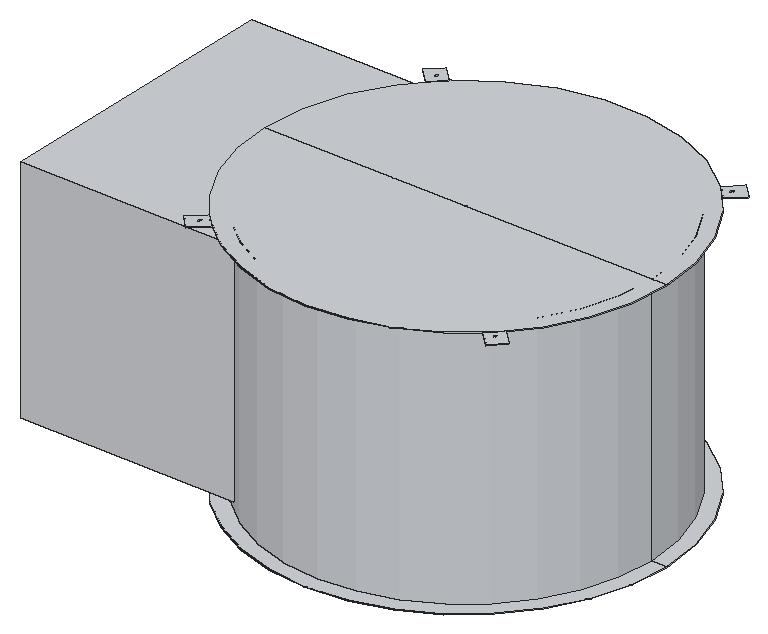
Revit family "AFB-C_Downblast_Ceiling_Mount", category Mechanical Equipment, Revit 2019
Family settings
  Round Connector Dimension = Use Radius
  Part Type = Normal
  Work Plane-Based = No
  Always vertical = Yes
  Cut with Voids When Loaded = No
  Shared = No
  Room Calculation Point = No
Parameters (values of type "60_AFB-C_DOWNBLAST_CEILING")
  Unit Weight [instance] = ""
  ModelID [instance] = ""
  L/2 = L / 2  # 2' - 0 17/32"
  L = 4' - 1 1/16"
  K/2 = K / 2  # 0' - 0 7/32"
  K = 0' - 0 7/16"
  J/2 = J / 2  # 2' - 10 11/16"
  Accessories [instance] = ""
  45 = 45.00°  # constant formula
  (L-1")/2 = (L - 0' 1") / 2  # 2' - 0 1/32"
  (J+(J-A))/2 = (J + ((J - A) / 2)) / 2  # 3' - 0 11/16"
  J = 5' - 9 3/8"
  CENTER = 0' - 0"  # constant formula
  H-(A/2) = H - (A / 2)  # 2' - 0 1/16"
  H+J = H + CENTER  # 4' - 6 3/4"
  H = 4' - 6 3/4"
  Sones [instance] = ""
  Motor RPM [instance] = ""
  Motor Enclosure [instance] = ""
  LwA [instance] = ""
  G = 12' - 0"
  Fan RPM [instance] = ""
  F/2 = F / 2  # 0' - 1 1/2"
  F = 0' - 3"
  E/2 = E / 2  # 1' - 9"
  E-2" = E - 0' 2"  # 3' - 4"
  E = 3' - 6"
  C/2+J = C / 2 + CENTER  # 2' - 7 13/16"
  C/2 = C / 2  # 2' - 7 13/16"
  C = 5' - 3 5/8"
  B/2 = B / 2  # 2' - 9 3/8"
  B = 5' - 6 3/4"
  A/3 = A / 2.5  # 2' - 0.55"
  A/2 = A / 2  # 2' - 6 11/16"
  A = 5' - 1 3/8"
  60 = 60.00°  # constant formula
  30 = 30.00°  # constant formula
  3" = 0' - 3"  # constant formula
  Brake Hp [instance] = ""
  4" = 0' - 4"  # constant formula
  2' = 2' - 0"
  2" = 0' - 2"  # constant formula
  1" = 0' - 1"  # constant formula
  0 = 0' - 0"  # constant formula
  Voltage [instance] = 0 V
  URL = "www.lorencook.com"
  Type Comments = "Tube Axial Fan Downblast Ceiling Mount Belt Drive Arrangement 9"  # constant formula
  Static Pressure [instance] = 0.00 in-wg
  Power [instance] = Voltage * Motor FLA * sqrt(if(Phase = 3, 3, 1))  # 0 VA
  Phase [instance] = 0
  Number of Poles [instance] = 1
  Motor Hp [instance] = "0"
  Motor FLA [instance] = 0 A
  Model = "AFB-C"  # constant formula
  Manufacturer = "Loren Cook Company"
  CFM [instance] = 0 CFM
  1.5 = 0' - 1 1/2"  # constant formula
  ONE EIGTH = 0' - 0 1/8"  # constant formula
  -E/2 = -E / 2  # -1' - 9"
  -(E-.25")/2 = -(E - 0' 0 1/4") / 2  # -1' - 8 7/8"
  (K/2)-((J-A-.25")/2) = (K / 2) - ((J - A - 0' 0 1/4") / 2)  # -0' - 3 21/32"
  (J-A-.25") = (J - A - 0' 0 1/4")  # 0' - 7 3/4"
  (H-(A/2))/2 = (H - (A / 2)) / 2  # 1' - 0 1/32"
  (E-.25")/2 = (E - 0' 0 1/4") / 2  # 1' - 8 7/8"
  (A+.25")/2 = (A + 0' 0 1/4") / 2  # 2' - 6 13/16"
Types (12): name | L/2 | L | K/2 | K | J/2 | (L-1")/2 | (J+(J-A))/2 | J | H-(A/2) | H+J | H | G | F/2 | F | E/2 | E-2" | E | C/2+J | C/2 | C | B/2 | B | A/3 | A/2 | A | -E/2 | -(E-.25")/2 | (K/2)-((J-A-.25")/2) | (J-A-.25") | (H-(A/2))/2 | (E-.25")/2 | (A+.25")/2
  (no name) | 2' - 0 17/32" | 4' - 1 1/16" | 0' - 0 7/32" | 0' - 0 7/16" | 2' - 10 11/16" | 2' - 0 1/32" | 3' - 0 11/16" | 5' - 9 3/8" | 2' - 0 1/16" | 4' - 6 3/4" | 4' - 6 3/4" | 12' - 0" | 0' - 1 1/2" | 0' - 3" | 1' - 9" | 3' - 4" | 3' - 6" | 2' - 7 13/16" | 2' - 7 13/16" | 5' - 3 5/8" | 2' - 9 3/8" | 5' - 6 3/4" | 2' - 0.55" | 2' - 6 11/16" | 5' - 1 3/8" | -1' - 9" | -1' - 8 7/8" | -0' - 3 21/32" | 0' - 7 3/4" | 1' - 0 1/32" | 1' - 8 7/8" | 2' - 6 13/16"
  12_AFB-C_DOWNBLAST_CEILING | 0' - 6 3/8" | 1' - 0 3/4" | 0' - 0 3/16" | 0' - 0 3/8" | 0' - 9 1/32" | 0' - 5 7/8" | 0' - 10 21/64" | 1' - 6 1/16" | 1' - 6 3/16" | 2' - 0 5/8" | 2' - 0 5/8" | 6' - 0" | 0' - 0 5/32" | 0' - 0 5/16" | 0' - 11" | 1' - 8" | 1' - 10" | 0' - 7 5/16" | 0' - 7 5/16" | 1' - 2 5/8" | 0' - 7 13/16" | 1' - 3 5/8" | 0' - 5.15" | 0' - 6 7/16" | 1' - 0 7/8" | -0' - 11" | -0' - 10 7/8" | -0' - 2 9/32" | 0' - 4 15/16" | 0' - 9 3/32" | 0' - 10 7/8" | 0' - 6 9/16"
  16_AFB-C_DOWNBLAST_CEILING | 0' - 7 13/16" | 1' - 3 5/8" | 0' - 0 3/16" | 0' - 0 3/8" | 0' - 11 1/32" | 0' - 7 5/16" | 1' - 0 21/64" | 1' - 10 1/16" | 1' - 9 11/16" | 2' - 6 1/8" | 2' - 6 1/8" | 6' - 0" | 0' - 0 5/32" | 0' - 0 5/16" | 1' - 0 1/2" | 1' - 11" | 2' - 1" | 0' - 9 5/16" | 0' - 9 5/16" | 1' - 6 5/8" | 0' - 9 13/16" | 1' - 7 5/8" | 0' - 6 3/4" | 0' - 8 7/16" | 1' - 4 7/8" | -1' - 0 1/2" | -1' - 0 3/8" | -0' - 2 9/32" | 0' - 4 15/16" | 0' - 10 27/32" | 1' - 0 3/8" | 0' - 8 9/16"
  18_AFB-C_DOWNBLAST_CEILING | 0' - 8 1/2" | 1' - 5" | 0' - 0 3/16" | 0' - 0 3/8" | 1' - 0 1/32" | 0' - 8" | 1' - 1 21/64" | 2' - 0 1/16" | 1' - 9 11/16" | 2' - 7 1/8" | 2' - 7 1/8" | 6' - 0" | 0' - 0 5/32" | 0' - 0 5/16" | 1' - 0 1/2" | 1' - 11" | 2' - 1" | 0' - 10 5/16" | 0' - 10 5/16" | 1' - 8 5/8" | 0' - 10 13/16" | 1' - 9 5/8" | 0' - 7.55" | 0' - 9 7/16" | 1' - 6 7/8" | -1' - 0 1/2" | -1' - 0 3/8" | -0' - 2 9/32" | 0' - 4 15/16" | 0' - 10 27/32" | 1' - 0 3/8" | 0' - 9 9/16"
  24_AFB-C_DOWNBLAST_CEILING | 0' - 10 7/8" | 1' - 9 3/4" | 0' - 0 3/16" | 0' - 0 3/8" | 1' - 3 13/32" | 0' - 10 3/8" | 1' - 4 57/64" | 2' - 6 13/16" | 2' - 3 7/16" | 3' - 3 7/8" | 3' - 3 7/8" | 6' - 0" | 0' - 0 7/32" | 0' - 0 7/16" | 1' - 3 1/2" | 2' - 5" | 2' - 7" | 1' - 1 7/16" | 1' - 1 7/16" | 2' - 2 7/8" | 1' - 2 9/16" | 2' - 5 1/8" | 0' - 9.95" | 1' - 0 7/16" | 2' - 0 7/8" | -1' - 3 1/2" | -1' - 3 3/8" | -0' - 2 21/32" | 0' - 5 11/16" | 1' - 1 23/32" | 1' - 3 3/8" | 1' - 0 9/16"
  28_AFB-C_DOWNBLAST_CEILING | 1' - 0 5/16" | 2' - 0 5/8" | 0' - 0 3/16" | 0' - 0 3/8" | 1' - 5 13/32" | 0' - 11 13/16" | 1' - 6 57/64" | 2' - 10 13/16" | 2' - 3 7/16" | 3' - 5 7/8" | 3' - 5 7/8" | 6' - 0" | 0' - 0 7/32" | 0' - 0 7/16" | 1' - 3 1/2" | 2' - 5" | 2' - 7" | 1' - 3 7/16" | 1' - 3 7/16" | 2' - 6 7/8" | 1' - 4 9/16" | 2' - 9 1/8" | 0' - 11.55" | 1' - 2 7/16" | 2' - 4 7/8" | -1' - 3 1/2" | -1' - 3 3/8" | -0' - 2 21/32" | 0' - 5 11/16" | 1' - 1 23/32" | 1' - 3 3/8" | 1' - 2 9/16"
  32_AFB-C_DOWNBLAST_CEILING | 1' - 2 1/8" | 2' - 4 1/4" | 0' - 0 7/32" | 0' - 0 7/16" | 1' - 7 31/32" | 1' - 1 5/8" | 1' - 9 45/64" | 3' - 3 15/16" | 2' - 4 3/4" | 3' - 9 1/4" | 3' - 9 1/4" | 6' - 0" | 0' - 0 7/32" | 0' - 0 7/16" | 1' - 5" | 2' - 8" | 2' - 10" | 1' - 5 1/2" | 1' - 5 1/2" | 2' - 11" | 1' - 6 5/8" | 3' - 1 1/4" | 1' - 1.2" | 1' - 4 1/2" | 2' - 9" | -1' - 5" | -1' - 4 7/8" | -0' - 3 1/8" | 0' - 6 11/16" | 1' - 2 3/8" | 1' - 4 7/8" | 1' - 4 5/8"
  36_AFB-C_DOWNBLAST_CEILING | 1' - 3 17/32" | 2' - 7 1/16" | 0' - 0 7/32" | 0' - 0 7/16" | 1' - 9 31/32" | 1' - 3 1/32" | 1' - 11 45/64" | 3' - 7 15/16" | 2' - 4 3/4" | 3' - 11 1/4" | 3' - 11 1/4" | 6' - 0" | 0' - 0 7/32" | 0' - 0 7/16" | 1' - 5" | 2' - 8" | 2' - 10" | 1' - 7 1/2" | 1' - 7 1/2" | 3' - 3" | 1' - 8 11/16" | 3' - 5 3/8" | 1' - 2.8" | 1' - 6 1/2" | 3' - 1" | -1' - 5" | -1' - 4 7/8" | -0' - 3 1/8" | 0' - 6 11/16" | 1' - 2 3/8" | 1' - 4 7/8" | 1' - 6 5/8"
  44_AFB-C_DOWNBLAST_CEILING | 1' - 6 3/8" | 3' - 0 3/4" | 0' - 0 7/32" | 0' - 0 7/16" | 2' - 2" | 1' - 5 7/8" | 2' - 3 3/4" | 4' - 4" | 3' - 0 1/4" | 4' - 10 3/4" | 4' - 10 3/4" | 12' - 0" | 0' - 0 7/32" | 0' - 0 7/16" | 1' - 9" | 3' - 4" | 3' - 6" | 1' - 11 3/4" | 1' - 11 3/4" | 3' - 11 1/2" | 2' - 0 11/16" | 4' - 1 3/8" | 1' - 6" | 1' - 10 1/2" | 3' - 9" | -1' - 9" | -1' - 8 7/8" | -0' - 3 5/32" | 0' - 6 3/4" | 1' - 6 1/8" | 1' - 8 7/8" | 1' - 10 5/8"
  48_AFB-C_DOWNBLAST_CEILING | 1' - 8 3/16" | 3' - 4 3/8" | 0' - 0 7/32" | 0' - 0 7/16" | 2' - 4 9/16" | 1' - 7 11/16" | 2' - 6 9/16" | 4' - 9 1/8" | 3' - 0 3/16" | 5' - 0 3/4" | 5' - 0 3/4" | 12' - 0" | 0' - 0 7/32" | 0' - 0 7/16" | 1' - 9" | 3' - 4" | 3' - 6" | 2' - 1 13/16" | 2' - 1 13/16" | 4' - 3 5/8" | 2' - 2 3/4" | 4' - 5 1/2" | 1' - 7.65" | 2' - 0 9/16" | 4' - 1 1/8" | -1' - 9" | -1' - 8 7/8" | -0' - 3 21/32" | 0' - 7 3/4" | 1' - 6 3/32" | 1' - 8 7/8" | 2' - 0 11/16"
  54_AFB-C_DOWNBLAST_CEILING | 1' - 10 1/2" | 3' - 9" | 0' - 0 7/32" | 0' - 0 7/16" | 2' - 7 13/16" | 1' - 10" | 2' - 9 7/8" | 5' - 3 5/8" | 2' - 0 1/16" | 4' - 3 3/4" | 4' - 3 3/4" | 12' - 0" | 0' - 0 7/32" | 0' - 0 7/16" | 1' - 9" | 3' - 4" | 3' - 6" | 2' - 4 13/16" | 2' - 4 13/16" | 4' - 9 5/8" | 2' - 6 3/8" | 5' - 0 3/4" | 1' - 10.15" | 2' - 3 11/16" | 4' - 7 3/8" | -1' - 9" | -1' - 8 7/8" | -0' - 3 25/32" | 0' - 8" | 1' - 0 1/32" | 1' - 8 7/8" | 2' - 3 13/16"
  60_AFB-C_DOWNBLAST_CEILING | 2' - 0 17/32" | 4' - 1 1/16" | 0' - 0 7/32" | 0' - 0 7/16" | 2' - 10 11/16" | 2' - 0 1/32" | 3' - 0 11/16" | 5' - 9 3/8" | 2' - 0 1/16" | 4' - 6 3/4" | 4' - 6 3/4" | 12' - 0" | 0' - 1 1/2" | 0' - 3" | 1' - 9" | 3' - 4" | 3' - 6" | 2' - 7 13/16" | 2' - 7 13/16" | 5' - 3 5/8" | 2' - 9 3/8" | 5' - 6 3/4" | 2' - 0.55" | 2' - 6 11/16" | 5' - 1 3/8" | -1' - 9" | -1' - 8 7/8" | -0' - 3 21/32" | 0' - 7 3/4" | 1' - 0 1/32" | 1' - 8 7/8" | 2' - 6 13/16"
Reference planes (in)
  plane 1 "Center (Front/Back)": y = 0
  plane 2: z = 0
  plane 3 "Center (Left/Right)": x = 0.40541
Forms (in)
  Revolve 1, solid
    sketch origin (0, 0, 0) x (1, 0, 0) y (0, 0, 1)
      loop
        line (0.40541, -21) -> (33.78041, -21) -> (33.78041, -20.875) -> (31.21791, -20.875) -> (31.21791, 20.875) -> (33.78041, 20.875) -> (33.78041, 21) -> (0.40541, 21) -> (0.40541, -21)
      axis (0.40541, -21) -> (0.40541, 21)
    angle from 0 to 360
  Extrusion 2, solid
    sketch origin (0.40541, 0, 20.875) x (1, 0, 0) y (0, -1, 0)
      loop
        arc (-19.28495, -24.03125) -> (-30.8125, 0) -> (-19.28495, 24.03125) r 30.8125
        line (-19.28495, 24.03125) -> (-54.75, 24.03125) -> (-54.75, -24.03125) -> (-19.28495, -24.03125)
    from 40 <- "E-2"" to 2
  Extrusion 3, void
    sketch origin (0, 0, 0) x (1, 0, 0) y (0, 1, 0)
      loop
        circle (0.40541, 0) r 0.125
    from -21 <- "-E/2" to 21 <- "E/2"
  Extrusion 4, solid
    sketch origin (0, 0, 0) x (1, 0, 0) y (0, 1, 0)
      loop
        arc (-24.45422, 26.98095) -> (-25.53657, 25.94198) -> (-26.57554, 24.85963) r 36.6875
        line (-26.57554, 24.85963) -> (-24.23109, 22.51518)
        arc (-24.23109, 22.51518) -> (-23.19428, 23.59969) -> (-22.10977, 24.6365) r 33.375
        line (-22.10977, 24.6365) -> (-24.45422, 26.98095)
      loop
        arc (25.26504, -26.98095) -> (26.34739, -25.94198) -> (27.38636, -24.85963) r 36.6875
        line (27.38636, -24.85963) -> (25.04191, -22.51518)
        arc (25.04191, -22.51518) -> (24.0051, -23.59969) -> (22.92059, -24.6365) r 33.375
        line (22.92059, -24.6365) -> (25.26504, -26.98095)
      loop
        arc (-26.57554, -24.85963) -> (-25.53657, -25.94198) -> (-24.45422, -26.98095) r 36.6875
        line (-24.45422, -26.98095) -> (-22.10977, -24.6365)
        arc (-22.10977, -24.6365) -> (-23.19428, -23.59969) -> (-24.23109, -22.51518) r 33.375
        line (-24.23109, -22.51518) -> (-26.57554, -24.85963)
      loop
        arc (27.38636, 24.85963) -> (26.34739, 25.94198) -> (25.26504, 26.98095) r 36.6875
        line (25.26504, 26.98095) -> (22.92059, 24.6365)
        arc (22.92059, 24.6365) -> (24.0051, 23.59969) -> (25.04191, 22.51518) r 33.375
        line (25.04191, 22.51518) -> (27.38636, 24.85963)
    from 20.875 <- "(E-.25")/2" to 21 <- "E/2"
  Extrusion 5, void
    sketch origin (0, 0, 0) x (1, 0, 0) y (0, 1, 0)
      loop
        circle (24.93666, 24.53125) r 0.21875
      loop
        circle (-24.12584, 24.53125) r 0.21875
      loop
        circle (-24.12584, -24.53125) r 0.21875
      loop
        circle (24.93666, -24.53125) r 0.21875
    from 21 <- "E/2" to -21 <- "-E/2"
Cuts and joins
  Extrusion 3, Extrusion 5 cuts Revolve 1
  Extrusion 3, Extrusion 5 cuts Extrusion 2
  Extrusion 5 cuts Extrusion 4
Dimensions and locks (in)
  "0": Revolve 1 sketch curve to plane 3 "Center (Left/Right)"  (x2)
  "(A+.25")/2": Revolve 1 sketch curve to plane 3 "Center (Left/Right)"
  "B/2": Revolve 1 sketch curve to plane 3 "Center (Left/Right)"  (x2)
  "ONE EIGTH": Revolve 1 sketch curve to Revolve 1 sketch curve  (x2)
  "E": Revolve 1 sketch curve to Revolve 1 sketch curve
  "E/2": level to Revolve 1 sketch curve
  "H": Extrusion 2 sketch curve to plane 3 "Center (Left/Right)"
  "(L-1")/2": Extrusion 2 sketch curve to plane 1 "Center (Front/Back)"  (x2)
  "0": Extrusion 2 sketch curve to plane 3 "Center (Left/Right)"
  "0": Extrusion 2 sketch curve to plane 1 "Center (Front/Back)"
  "0": Extrusion 3 sketch curve to plane 3 "Center (Left/Right)"
  "0": plane 1 "Center (Front/Back)" to Extrusion 3 sketch curve
  "0": Extrusion 4 sketch curve to plane 3 "Center (Left/Right)"  (x8)
  "0": Extrusion 4 sketch curve to plane 1 "Center (Front/Back)"  (x8)
  "1.5": plane 3 "Center (Left/Right)" to Extrusion 4 sketch curve  (x3)
  "3"": Extrusion 4 sketch curve to Extrusion 4 sketch curve  (x4)
  "1.5": Extrusion 4 sketch curve to plane 3 "Center (Left/Right)"
  "L/2": plane 3 "Center (Left/Right)" to Extrusion 5 sketch curve  (x4)
  "L/2": plane 1 "Center (Front/Back)" to Extrusion 5 sketch curve  (x4)
  "(A+.25")/2": radius of Extrusion 2 sketch curve
  "ONE EIGTH": radius of Extrusion 3 sketch curve
  "(J+(J-A))/2": radius of Extrusion 4 sketch curve  (x4)
  "B/2": radius of Extrusion 4 sketch curve  (x4)
  "K/2": radius of Extrusion 5 sketch curve  (x4)
  "45": angle Extrusion 4 sketch curve to plane 3 "Center (Left/Right)"
  "45": angle Extrusion 4 sketch curve to plane 1 "Center (Front/Back)"  (x2)
  "45": angle plane 1 "Center (Front/Back)" to Extrusion 4 sketch curve
Automatic sketch dimensions
  Revolve 1 sketch curve to Revolve 1 sketch curve = 0' - 0"
  Revolve 1 sketch curve to Revolve 1 sketch curve = 1' - 6"
  Extrusion 2 sketch curve to Extrusion 2 sketch curve = 0' - 0"
Connectors (in)
  electrical at (-36.61206, -24.03125, -0.125)
    settings: on Extrusion 2, index 1, voltage 0 V, apparent load 0 VA, apparent load phase1 0 VA, apparent load phase2 0 VA, apparent load phase3 0 VA, power factor 1, load classification "Other", number of poles 1, system type 30, power factor state 1, is connector primary yes, connector utility no, sub classification motor no, connector description ""
  hvac at (0.40541, 0, 20.875), driven by "A/2"
    settings: on Revolve 1, index 2, duct flow 0 CFM, flow factor 0, pres drop 0.00 in-wg, loss coef 0, conn angle 0.00°, conn width 12", conn height 12", conn diameter 61 3/8", duct sys type 29, conn prof type 0, flow config 0, flow direction 1, loss method 0, conn ref index -1, conn util no, is conn primary yes, conn desc ""
  hvac at (0.40541, 0, -21), driven by "A/2"
    settings: on cut or joined group of Revolve 1, Extrusion 3, Extrusion 5, index 4, duct flow 0 CFM, flow factor 0, pres drop 0.00 in-wg, loss coef 0, conn angle 0.00°, conn width 12", conn height 12", conn diameter 61 3/8", duct sys type 29, conn prof type 0, flow config 0, flow direction 2, loss method 0, conn ref index -1, conn util no, is conn primary no, conn desc ""
